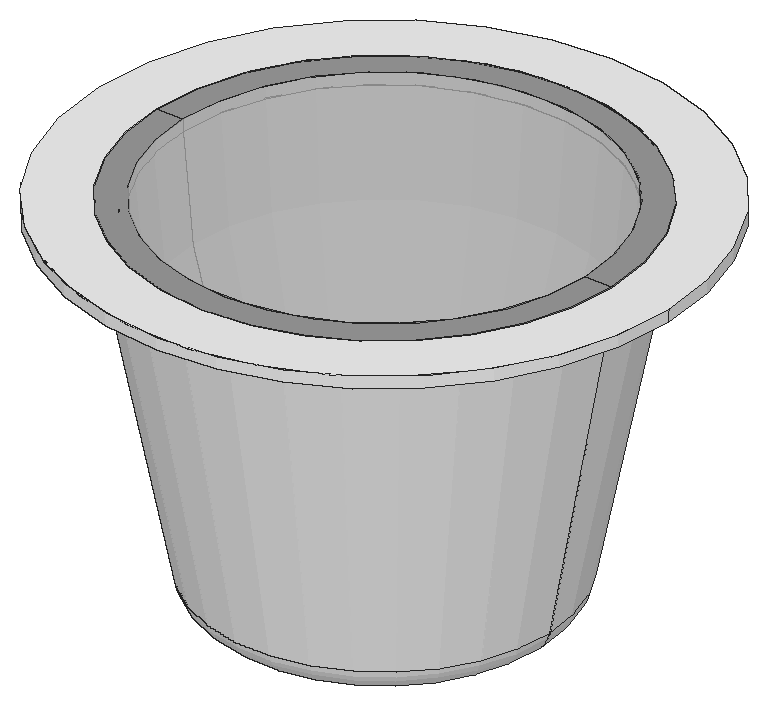
Revit family "2059075 Lighting Fixture_Sylvania_Ascent 100 Arch(120)-High Output_Ceiling Recessed", category Lighting Fixtures, host Face, Revit 2017
Family settings
  Host = Face
  Round Connector Dimension = Use Diameter
  Part Type = Normal
  OmniClass Number = 23.80.70.11.17
  OmniClass Title = Specialized Lighting by Location or Use
  Cut with Voids When Loaded = No
  Light Source = Yes
  Shared = No
  Room Calculation Point = No
Parameters (values of type "Ascent100 Arch HO 3K DALI 120")
  Reflector Radius = Radius - 15.0 mm  # 60.0 mm
  Reflector Material = Aluminium_Sylvania_Ascent_Silver
  Radius = 75.0 mm
  Life = "50 000h"  # constant formula
  IP Rating = "IP44"  # constant formula
  IK Rating = "IK02"  # constant formula
  Height = 94.0 mm
  Wattage = 8.42147 W
  built-in parameter 1150110 = 1 (stored number, unit not read)
  Voltage Comments = "UNV (Universal Voltage; 220-240 Volt)"  # constant formula
  Voltage = 240 V  # constant formula
  URL = "https://www.sylvania-lighting.com/"
  built-in parameter 1114217 = 1 (stored number, unit not read)
  Tilt Angle = -90°
  built-in parameter 1150109 = 1 (stored number, unit not read)
  built-in parameter 1150134 = (empty or 0)
  built-in parameter 1150113 = 1 (stored number, unit not read)
  Product Page URL = "https://www.sylvania-lighting.com/product/en-int/products/2059075"
  Product Family = "Ascent 100 Arch (120) - High Output"  # constant formula
  Photometry Comments = ""
  Photometric Web File = "2059075_Ascent100ArchHO3KDALI120-188342.ies"
  Glow Wire Test = 850 °C
  Emit from Circle Diameter = 2 * Diffuser Radius  # 106.0 mm
  Emit Shape Visible in Rendering = no
  Drive Current = "500mA"  # constant formula
  Diffuser Radius = Reflector Radius - 7.0 mm  # 53.0 mm
  Diffuser Material = Polycarbonate_Sylvania_Ascent_Clear
  Diameter = 2 * Radius  # 150.0 mm
  Cutout Diameter = Diameter - 13.0 mm  # 137.0 mm
  built-in parameter 1114216 [instance] = 1 (stored number, unit not read)
  Model = "Ascent100 Arch HO 3K DALI 120"
  Manufacturer = "Feilo-Sylvania Group"
  built-in parameter 1150105 = 473.86 (stored number, unit not read)
  Lumens = 852 lm
  built-in parameter 1150115 = 1 (stored number, unit not read)
  built-in parameter 1150137 = (empty or 0)
  built-in parameter 1150139 = (empty or 0)
  built-in parameter 1150112 = 1 (stored number, unit not read)
  built-in parameter 1150114 = 1 (stored number, unit not read)
  Lamp = "Integrated LED"
  built-in parameter 1150132 = 2
  built-in parameter 1150102 = (empty or 0)
  built-in parameter 1150107 = 3000 (stored number, unit not read)
  built-in parameter 1150138 = (empty or 0)
  built-in parameter 1150106 = 4.7386 (stored number, unit not read)
  Body Material = Aluminum_Sylvania_Ascent_White
  built-in parameter 1150104 = 9.399 (stored number, unit not read)
  Dimming Lamp Color Temperature Shift = <None>
  Description = "Direct LED retro fit for original LED 100 Arch (120) single CFL lamp offering Matching lumen levels and improved light distribution of original LED 100 CFL lamp equivalents Typically half the power consumption compared to CFL Up to 104lm/W 120mm aperture Architectural reflector accepts range of glass accessories from existing LED 100 Arch 120 offering HE, HO and VHO versions equivalent of single 1 x 13W, 1 x 18W, 1 x 26W Additional VVHO versions which offer the performance circa 2 x 26W equivalent"  # constant formula
  Default Elevation = 0.0 mm
  Color Filter = 16777215
  Catalog Number = "2059075 Ascent100 Arch HO 3K DALI 120"
  built-in parameter 1140040 [instance] = 1
  built-in parameter 1114218 = 1 (stored number, unit not read)
  built-in parameter 1150133 = 10 (stored number, unit not read)
  Assembly Code = "D5020200"
  Apparent Load Comments = ""
  Apparent Load = 9 VA
  Aperture = 2 * Reflector Radius  # 120.0 mm
  Accessory Material = Aluminum_Sylvania_Ascent_White
Reference planes
  plane 1 "Center (Front/Back)": y = 0
  plane 2: z = 0
  plane 3 "Center (Left/Right)": x = 0
  plane 4 "Fixture Bottom": z = 3
  plane 5: z = -52.5
  plane 6 "Fixture Top": z = -91
Forms (mm)
  Extrusion 1, solid, material "Aluminum_Sylvania_Ascent_White" <- "Accessory Material", detail levels fine
    sketch origin (0, 0, 0) x (1, 0, 0) y (0, 1, 0)
      loop
        circle (0, 0) r 75
      loop
        circle (0, 0) r 60
    from 0 to 3
  Extrusion 2, void
    sketch origin (0, 0, 0) x (1, 0, 0) y (0, 1, 0)
      loop
        circle (0, 0) r 68.5
    from -91 to 3
  Revolve 3, solid, material "Aluminum_Sylvania_Ascent_White" <- "Body Material", detail levels fine
    sketch origin (0, 0, 0) x (1, 0, 0) y (0, 0, 1)
      loop
        line (0, -91.073) -> (0, -89.023) -> (-35.468, -89.014)
        arc (-35.468, -89.014) -> (-39.352, -87.613) -> (-41.54, -84.139) r 6.307
        line (-41.54, -84.139) -> (-57.991, -2.844) -> (-57.991, 0) -> (-60, 0) -> (-60, -3) -> (-43.5, -84.536)
        arc (-43.5, -84.536) -> (-40.643, -89.203) -> (-35.5, -91.073) r 8.291
        line (-35.5, -91.073) -> (0, -91.073)
      axis (0, 0) -> (0, -91.073)
    angle from 0 to 360
  Revolve 4, solid, material "Aluminium_Sylvania_Ascent_Silver" <- "Reflector Material", detail levels fine
    sketch origin (0, 0, 0) x (1, 0, 0) y (0, 0, 1)
      loop
        line (-60, 3) -> (-60, 0) -> (-55, 0)
        arc (-55, 0) -> (-52.349, -26.77) -> (-44.5, -52.5) r 136.5
        line (-44.5, -52.5) -> (-38, -52.5)
        arc (-38, -52.5) -> (-36.857, -61.521) -> (-33.5, -69.971) r 36.166
        line (-33.5, -69.971) -> (0, -69.971) -> (0, -50.5) -> (-43.16, -50.5)
        arc (-43.16, -50.5) -> (-50.517, -25.725) -> (-53, 0) r 134.5
        line (-53, 0) -> (-53, 3) -> (-60, 3)
      axis (0, 3) -> (0, -69.971)
    angle from 0 to 360
  Extrusion 5, solid, material "Polycarbonate_Sylvania_Ascent_Clear" <- "Diffuser Material", detail levels fine
    sketch origin (0, 0, 0) x (1, 0, 0) y (0, 1, 0)
      loop
        circle (0, 0) r 53
    from 0 to 3
  Revolve 6, solid, material "Aluminum_Sylvania_Ascent_White" <- "Accessory Material", detail levels coarse+medium
    sketch origin (0, 0, 0) x (1, 0, 0) y (0, 0, 1)
      loop
        line (0, -91.073) -> (0, 3) -> (-75, 3) -> (-75, 0) -> (-60, 0) -> (-60, -3) -> (-43.5, -84.536)
        arc (-43.5, -84.536) -> (-40.643, -89.203) -> (-35.5, -91.073) r 8.291
        line (-35.5, -91.073) -> (0, -91.073)
      axis (0, 3) -> (0, -91.073)
    angle from 0 to 360
Dimensions and locks
  locked: plane 4 "Fixture Bottom" to plane 2 at 3
  "Height": plane 4 "Fixture Bottom" to plane 6 "Fixture Top"
  "Reflector Radius": plane 3 "Center (Left/Right)" to Revolve 4 sketch curve
  locked: Revolve 4 sketch curve to Revolve 4 sketch curve at 15.5
  locked: Revolve 4 sketch curve to Revolve 4 sketch curve at 5
  locked: Revolve 4 sketch curve to Revolve 4 sketch curve at 7
  locked: Revolve 4 sketch curve to Revolve 4 sketch curve at 22
  locked: Revolve 4 sketch curve to Revolve 4 sketch curve at 26.5
  locked: Revolve 3 sketch curve to Revolve 3 sketch curve at 16.5
  locked: Revolve 3 sketch curve to Revolve 3 sketch curve at 24.5
  "Reflector Radius": Revolve 3 sketch curve to plane 3 "Center (Left/Right)"
  locked: Revolve 3 sketch curve to plane 6 "Fixture Top" at 6.464
  locked: plane 2 to Revolve 3 sketch curve at 3
  locked: Revolve 3 sketch curve to Revolve 3 sketch curve at 2
  locked: Revolve 3 sketch curve to Revolve 3 sketch curve at 2.009
  locked: plane 2 to plane 5 at 52.5
  locked: Revolve 6 sketch curve to Revolve 6 sketch curve at 31.5
  locked: Revolve 6 sketch curve to Revolve 6 sketch curve at 39.5
  locked: Revolve 6 sketch curve to Revolve 6 sketch curve at 15
  "Radius": plane 3 "Center (Left/Right)" to Revolve 6 sketch curve
  "Cutout Diameter": diameter of Extrusion 2 sketch curve
  "Reflector Radius": radius of Extrusion 1 sketch curve
  "Diffuser Radius": radius of Extrusion 5 sketch curve
  "Radius": radius of Extrusion 1 sketch curve
  aligned and locked: host face to plane 2
  aligned and locked: host face to level
  aligned and locked: plane 1 "Center (Front/Back)" to imposter light
  aligned and locked: plane 3 "Center (Left/Right)" to imposter light
  aligned and locked: plane 4 "Fixture Bottom" to Extrusion 1
  aligned and locked: Extrusion 1 to plane 2
  aligned and locked: Revolve 3 sketch curve to plane 3 "Center (Left/Right)"
  aligned and locked: Revolve 4 sketch curve to plane 3 "Center (Left/Right)"  (x2)
  aligned and locked: plane 4 "Fixture Bottom" to Revolve 4 sketch curve
  aligned and locked: Revolve 3 sketch curve to imposter light
  aligned and locked: Extrusion 5 to plane 2
  aligned and locked: imposter light to Extrusion 5
  aligned and locked: plane 2 to Revolve 3 sketch curve  (x2)
  aligned and locked: Revolve 6 sketch curve to imposter light
  aligned and locked: Revolve 6 sketch curve to plane 3 "Center (Left/Right)"
  aligned and locked: plane 6 "Fixture Top" to Extrusion 2
  aligned and locked: imposter light to Extrusion 2
  aligned and locked: imposter light to plane 4 "Fixture Bottom"
Automatic sketch dimensions
  plane 1 "Center (Front/Back)" to Extrusion 2 sketch curve = 0.0 mm
  Extrusion 2 sketch curve to plane 3 "Center (Left/Right)" = 0.0 mm
  Extrusion 1 sketch curve to Extrusion 1 sketch curve = 0.0 mm  (x2)
  plane 1 "Center (Front/Back)" to Extrusion 1 sketch curve = 0.0 mm
  Extrusion 1 sketch curve to plane 3 "Center (Left/Right)" = 0.0 mm
  plane 6 "Fixture Top" to Revolve 3 sketch curve = 0.073 mm
  Revolve 3 sketch curve to plane 6 "Fixture Top" = 6.861 mm
  Revolve 3 sketch curve to Revolve 3 sketch curve = 0.003 mm
  Revolve 3 sketch curve to Revolve 3 sketch curve = 0.009 mm  (x2)
  Revolve 3 sketch curve to Revolve 3 sketch curve = 0.023 mm
  Revolve 3 sketch curve to Revolve 3 sketch curve = 0.072 mm
  Revolve 3 sketch curve to Revolve 3 sketch curve = 0.008 mm
  Revolve 3 sketch curve to plane 6 "Fixture Top" = 1.977 mm
  Revolve 3 sketch curve to Revolve 3 sketch curve = 33.496 mm
  Revolve 3 sketch curve to Revolve 3 sketch curve = 0.028 mm
  plane 4 "Fixture Bottom" to Revolve 3 sketch curve = 82.431 mm
  Revolve 4 sketch curve to Revolve 4 sketch curve = 0.0 mm  (x2)
  Revolve 4 sketch curve to plane 5 = 0.0 mm
  Revolve 4 sketch curve to level = 0.0 mm
  plane 5 to Revolve 4 sketch curve = 2.0 mm
  plane 4 "Fixture Bottom" to Revolve 4 sketch curve = 9.642 mm
  plane 1 "Center (Front/Back)" to Extrusion 5 sketch curve = 0.0 mm
  Extrusion 5 sketch curve to plane 3 "Center (Left/Right)" = 0.0 mm
  Revolve 4 sketch curve to level = 69.971 mm
  Revolve 4 sketch curve to Revolve 4 sketch curve = 2.387 mm
  Revolve 6 sketch curve to level = 0.0 mm
  Revolve 6 sketch curve to plane 3 "Center (Left/Right)" = 0.0 mm
  Revolve 6 sketch curve to Revolve 6 sketch curve = 8.104 mm
  Revolve 6 sketch curve to level = 3.0 mm
  Revolve 6 sketch curve to plane 6 "Fixture Top" = 6.464 mm
  plane 6 "Fixture Top" to Revolve 6 sketch curve = 0.073 mm
  Revolve 6 sketch curve to Revolve 6 sketch curve = 33.496 mm
  plane 4 "Fixture Bottom" to Revolve 6 sketch curve = 82.431 mm
  host sketch curve to host sketch curve = 1368.192 mm
  host sketch curve to host sketch curve = 1600.367 mm
Connectors
  electrical at (0, 0, -91.073), driven by "Voltage", driven by "Apparent Load"
    settings: on Revolve 3, index 1, voltage 240 V, apparent load 0 VA, apparent load phase1 9 VA, apparent load phase2 0 VA, apparent load phase3 0 VA, power factor 1, load classification "Lighting", number of poles 1, system type 31, power factor state 1, is connector primary yes, connector utility no, sub classification motor no, connector description ""
